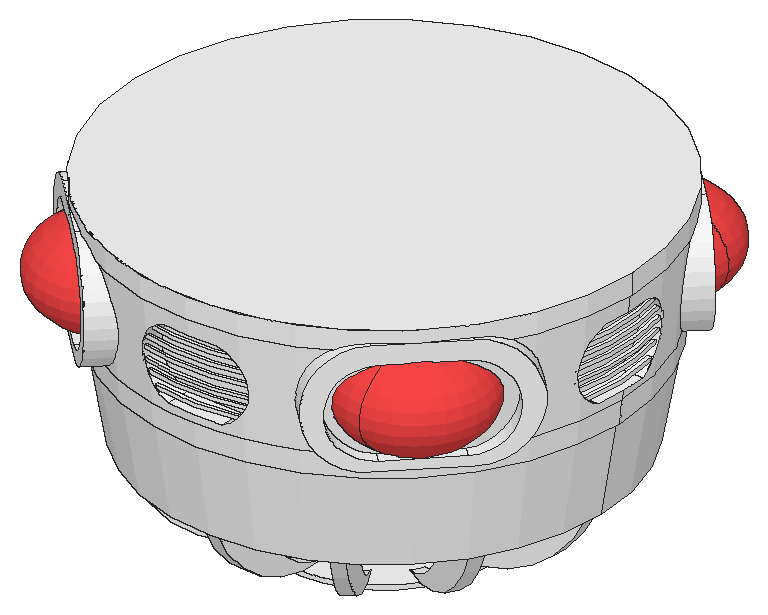
Revit family "Fireclass_Addressable Base Sounder_Visual Indicator Devices", category Fire Alarm Devices, host Ceiling, Revit 2014
Parameters (values of type "Fireclass Addressable Base Sounder Beacon VID")
  Weight = "167g"
  Warranty Start Date = "TBC"
  Warranty Guarantor Parts = "Contact your supplier. If you don’t have your supplier contact details please contact tfsuk.service@tycoint.com"
  Warranty Guarantor Labor = "Contact your supplier. If you don’t have your supplier contact details please contact tfsuk.service@tycoint.com"
  Warranty Duration Unit = "Year"
  Warranty Duration Parts = "3 years (TBC)"
  Warranty Duration Labor = "3 years"
  Warranty Description = "N/A"
  Voltage = "20V-40V, 35V nominal"
  Version = "1"
  Usage Current = "N/A"
  Uniclass2 = "Pr_70_75_02_97"
  URL = "TBC"
  Time Constant = "N/A"
  Tag Number = "N/A"
  SuistainabilityPerformance = "N/A"
  Storage Temperature = "-25 to +70"
  Size = "N/A"
  Short Circuit Isolators = "Yes"
  Shape = "Circular"
  Serial Number = "N/A"
  Revision = "N/A"
  Replacement Cost = "N/A"
  Relative Humidity = "Up to 95% non-condensing"
  Reference = "N/A"
  Quiescent Current = "8mA"
  Product Specification = "FC440AIB Zettler Addressable Base Sounder Beacon VID"
  Product Information = "TBC"
  Product Codes = "576.440.010"
  Phase Reference = "N/A"
  Phase Angle = "N/A"
  Operation Temperature Range = "-25 to +70"
  Number Of Poles = "N/A"
  Nominal Width = 114 mm
  Nominal Voltage = "40 V DC"
  Nominal Length = 114 mm
  Nominal Height = 45 mm
  Nominal Frequency Range = "N/A"
  Nominal Current = "1.1A"
  Nominal  Diameter = 114 mm
  Name = "FC440AIB Add Base Sounder VID"
  NBS Reference = "90-75-30/415"
  NBS Description = "Visual Alarm Signal Devices"
  Model Reference = "FC440AIB FireClass Addressable Base Sounder Beacon Visual Indicating Device Red LEDs"
  Model = "FC440AIB"
  Material = "TBC"
  Manufacturer URL = "www.fireclass.co.uk"
  Manufacturer Name = "Tyco Fire Protection Products"
  Manufacturer = "Tyco Fire Protection Products"
  LED Colour = Red
  LED = yes
  Insulation Standard Class = "N/A"
  Installation Date = "TBC"
  Ifc Type Object = "IfcBuildingElementProxy"
  Ifc Export Type = "TBC"
  Ifc Export As = "TBC"
  IP_Code = "N/A"
  Heat Sensor Set Point = "N/A"
  Heat Sensor Range = "N/A"
  Heat Sensor Accuracy = "N/A"
  Has Protective Earth = "No"
  Grade = "N/A"
  Finish = "TBC"
  Features = "FireClass Addressable Base Sounder Beacon Visual Indicating Device Red LEDs"
  Expected Life = "N/A"
  Electrical Device Nominal Power = "320mW"
  Duration Unit = "Year"
  Device Bases = "N/A"
  Detector Type = "N/A"
  Description = "FC440AIB FireClass Addressable Base Sounder Beacon Visual Indicating Device Red LEDs"
  Coverage Area = "N/A"
  Constituents = "N/A"
  Colour = Transluscent
  Code Performance = "N/A"
  Category = "Pr_70_75_02_97"
  Brand = "FireClass"
  Bar Code = "N/A"
  BIM Object Name = "Tyco_FireDtctnAlmCtrlIndctEquip_FireClass-Addressable Base Sounder Beacon Visual Indicating Device Red LEDs-FC440AIB"
  Author = "Tyco Fire Protection Products"
  Asset Type = "Moveable"
  Asset Identifier = "N/A"
  Alarm Current = "400uA"
  Accessibility Performance = "N/A"
Types (3, lengths in mm): name | Weight | Uniclass2 | Short Circuit Isolators | Quiescent Current | Product Specification | Product Codes | Nominal Current | Name | NBS Reference | NBS Description | Model Reference | Model | LED Colour | LED | Features | Electrical Device Nominal Power | Description | Colour | Category | BIM Object Name | Alarm Current
  Fireclass Addressable Base Sounder | "161g" | "Pr_70_75_02_30" | "Yes" | "4mA" | "FC440SB FireClass Addressable Base Sounder" | "576.440.002" | "1.1A" | "FC440SB Addressable Base Sdr" | "90-75-30/360" | "Fire Alarm Sounders" | "FC440SB FireClass Addressable Base Sounder" | "FC440SB" | White | no | "FireClass Addressable Base Sounder" | "160mW" | "FC440SB FireClass Addressable Base Sounder" | White | "Pr_70_75_02_30" | "Tyco_FireDtctnAlmCtrlIndctEquip_FireClass Addressable Base Sounder-FC440SB" | "400uA"
  Fireclass Detector Base Sounder | "161g" | "Pr_70_75_02_30" | "No" | "4mA" | "FC440DSB FireClass Detector Base Sounder" | "576.440.001" | "N/A" | "FC440DSB Detector Base Sounder" | "90-75-30/360" | "Fire Alarm Sounders" | "FC440DSB FireClass Detector Base Sounder" | "FC440DSB" | White | no | "FireClass Detector Base Sounder" | "160mW" | "FC440DSB FireClass Detector Base Sounder" | White | "Pr_70_75_02_30" | "Tyco_FireDtctnAlmCtrlIndctEquip_Fireclass-Detector Base Sounder-FC440DSB" | "100uA"
  Fireclass Addressable Base Sounder Beacon VID | "167g" | "Pr_70_75_02_97" | "Yes" | "8mA" | "FC440AIB Zettler Addressable Base Sounder Beacon VID" | "576.440.010" | "1.1A" | "FC440AIB Add Base Sounder VID" | "90-75-30/415" | "Visual Alarm Signal Devices" | "FC440AIB FireClass Addressable Base Sounder Beacon Visual Indicating Device Red LEDs" | "FC440AIB" | Red | yes | "FireClass Addressable Base Sounder Beacon Visual Indicating Device Red LEDs" | "320mW" | "FC440AIB FireClass Addressable Base Sounder Beacon Visual Indicating Device Red LEDs" | Transluscent | "Pr_70_75_02_97" | "Tyco_FireDtctnAlmCtrlIndctEquip_FireClass-Addressable Base Sounder Beacon Visual Indicating Device Red LEDs-FC440AIB" | "400uA"
Reference planes
  plane 1 "Center (Front/Back)": y = 0
  plane 2: z = 0
  plane 3 "Center (Left/Right)": x = 0
  plane 4 "Ceiling": z = 300
Dimensions and locks
  equal spacing: host sketch curve, plane 3 "Center (Left/Right)", host sketch curve
  equal spacing: host sketch curve, plane 1 "Center (Front/Back)", host sketch curve
  host sketch curve to host sketch curve = 4000 mm  (x2)
  host ceiling to plane 4 "Ceiling" = 0 mm
  aligned and locked: nested 1 to plane 4 "Ceiling"
  aligned and locked: plane 3 "Center (Left/Right)" to nested 1
  aligned and locked: host ceiling to plane 4 "Ceiling"
Nested families
  nested 1: "Geometry" at (0, 59, 267.9), type "Default"
Connectors
  electrical at (0, 59, 300)
    settings: on nested 1, index 1, voltage 0 V, apparent load 0 VA, apparent load phase1 0 VA, apparent load phase2 0 VA, apparent load phase3 0 VA, power factor 1, load classification "Other", number of poles 1, system type 11, power factor state 1, is connector primary yes, connector utility no, sub classification motor no, connector description ""
Definition of nested family "Geometry"
  Parameters (values of type "Default")
    Material = Transluscent
    LED Colour = White
    LED = yes
  Reference planes
    plane 1 "Center (Front/Back)": y = 0
    plane 2: z = 0
    plane 3 "Center (Left/Right)": x = 0
    plane 4: x = 57
    plane 5: x = -57
    plane 6: y = 57
    plane 7: y = -57
    plane 8: z = 5
    plane 9: z = 27.6
    plane 10: z = 32.1
    plane 11: x = 2.5
    plane 12: x = -2.5
    plane 13: y = -48.741
    plane 14: y = -59
    plane 15: z = -20
    plane 16: z = -37
    plane 17: z = -39.8
  Forms (mm)
    Blend 1, solid, material "White", detail levels fine
      base sketch origin (-1351.99, -1524, 27.6) x (-1, 0, 0) y (0, -1, 0)
        loop
          circle (-1351.99, -1524) r 54.5
      top sketch origin (-1351.99, -1524, 27.6) x (-1, 0, 0) y (0, -1, 0)
        loop
          circle (-1351.99, -1524) r 56.5
      from -22.6 to 0
    Blend 2, solid, material "White", detail levels fine
      base sketch origin (0, 0, 0) x (1, 0, 0) y (0, 1, 0)
        loop
          circle (0, 0) r 53.5
      top sketch origin (0, 0, 0) x (1, 0, 0) y (0, 1, 0)
        loop
          circle (0, 0) r 50
      from 0 to -20
    Extrusion 3, void
      sketch origin (0, 0, 0) x (1, 0, 0) y (0, 1, 0)
        loop
          circle (0, 0) r 35
      from 27.6 to -25.632
    Extrusion 4, solid, material "White", detail levels fine
      sketch origin (0, 0, 0) x (1, 0, 0) y (0, 1, 0)
        loop
          circle (0, 0) r 24
      from -39.8 to -38.66
    Extrusion 5, solid, material "White", detail levels fine
      sketch origin (0, 0, 0) x (0, 1, 0) y (0, 0, 1)
        loop
          arc (-48.702, -20) -> (-38.751, -32.501) -> (-24.007, -38.66) r 32.113
          line (-24.007, -38.66) -> (-18.832, -38.66)
          arc (-18.832, -38.66) -> (-30.138, -32.14) -> (-34.93, -20) r 19.795
          line (-34.93, -20) -> (-48.702, -20)
      from -2.5 to 0.5
    Extrusion 6, solid, material "White", visible <- "LED", detail levels fine
      sketch origin (0, 0, 0) x (0.71461, -0.699523, 0) y (0, 0, 1)
        loop
          arc (-9.375, 29.522) -> (-22.375, 16.522) -> (-9.375, 3.522) r 13
          line (-9.375, 3.522) -> (9.375, 3.522)
          arc (9.375, 3.522) -> (22.375, 16.522) -> (9.375, 29.522) r 13
          line (9.375, 29.522) -> (-9.375, 29.522)
        loop
          arc (-8.125, 25.525) -> (-18.066, 15.584) -> (-8.125, 5.643) r 9.941
          line (-8.125, 5.643) -> (8.125, 5.643)
          arc (8.125, 5.643) -> (18.066, 15.584) -> (8.125, 25.525) r 9.941
          line (8.125, 25.525) -> (-8.125, 25.525)
      from 48.741 to 57
    Extrusion 7, void
      sketch origin (0, 0, 0) x (1, 0, 0) y (0, 0, 1)
        loop
          arc (-6.201, 23.765) -> (-12.194, 15.315) -> (-6.201, 6.865) r 8.953
          line (-6.201, 6.865) -> (6.201, 6.865)
          arc (6.201, 6.865) -> (12.194, 15.315) -> (6.201, 23.765) r 8.953
          line (6.201, 23.765) -> (-6.201, 23.765)
      from 48.741 to 57
    Extrusion 8, void
      sketch origin (0, 0, 0) x (0, 1, 0) y (0, 0, 1)
        loop
          arc (-6.201, 23.765) -> (-12.194, 15.315) -> (-6.201, 6.865) r 8.953
          line (-6.201, 6.865) -> (6.201, 6.865)
          arc (6.201, 6.865) -> (12.194, 15.315) -> (6.201, 23.765) r 8.953
          line (6.201, 23.765) -> (-6.201, 23.765)
      from 48.741 to 57
    Extrusion 9, void
      sketch origin (0, 0, 0) x (-1, 0, 0) y (0, 0, 1)
        loop
          arc (-6.201, 23.765) -> (-12.194, 15.315) -> (-6.201, 6.865) r 8.953
          line (-6.201, 6.865) -> (6.201, 6.865)
          arc (6.201, 6.865) -> (12.194, 15.315) -> (6.201, 23.765) r 8.953
          line (6.201, 23.765) -> (-6.201, 23.765)
      from 48.741 to 57
    Extrusion 10, void
      sketch origin (0, 0, 0) x (0, -1, 0) y (0, 0, 1)
        loop
          arc (-6.201, 23.765) -> (-12.194, 15.315) -> (-6.201, 6.865) r 8.953
          line (-6.201, 6.865) -> (6.201, 6.865)
          arc (6.201, 6.865) -> (12.194, 15.315) -> (6.201, 23.765) r 8.953
          line (6.201, 23.765) -> (-6.201, 23.765)
      from 48.741 to 57
    Extrusion 11, solid, material "White", detail levels fine
      sketch origin (-0.938, -2.131, 0.328) x (0, 1, 0) y (-1, 0, 0)
        loop
          arc (15.183, -53.911) -> (2.122, -55.728) -> (-10.989, -54.326) r 54
          line (-10.989, -54.326) -> (-10.334, -55.033)
          arc (-10.334, -55.033) -> (2.097, -56.407) -> (14.479, -54.653) r 50
          line (14.479, -54.653) -> (15.183, -53.911)
      from 20.68 to 21.531
    Blend 12, solid, material "White", detail levels fine
      base sketch origin (0, 0, -39.074) x (1, 0, 0) y (0, 1, 0)
        loop
          circle (0, 0) r 54.5
      top sketch origin (0, 0, -39.074) x (1, 0, 0) y (0, 1, 0)
        loop
          circle (0, 0) r 54
      from 44.074 to 39.074
    Extrusion 13, solid, material "White", detail levels fine
      sketch origin (0, 0, 27.624) x (1, 0, 0) y (0, 1, 0)
        loop
          circle (0, 0) r 57
      from -0.024 to 4.476
    Extrusion 14, solid, material "White", detail levels fine
      sketch origin (0, 0, 0) x (-0.5, 0.866025, 0) y (0, 0, 1)
        loop
          arc (-48.702, -20) -> (-38.751, -32.501) -> (-24.007, -38.66) r 32.113
          line (-24.007, -38.66) -> (-18.832, -38.66)
          arc (-18.832, -38.66) -> (-30.138, -32.14) -> (-34.93, -20) r 19.795
          line (-34.93, -20) -> (-48.702, -20)
      from -2.5 to 0.5
    Extrusion 15, solid, material "White", detail levels fine
      sketch origin (0, 0, 0) x (-0.866025, 0.5, 0) y (0, 0, 1)
        loop
          arc (-48.702, -20) -> (-38.751, -32.501) -> (-24.007, -38.66) r 32.113
          line (-24.007, -38.66) -> (-18.832, -38.66)
          arc (-18.832, -38.66) -> (-30.138, -32.14) -> (-34.93, -20) r 19.795
          line (-34.93, -20) -> (-48.702, -20)
      from -2.5 to 0.5
    Extrusion 16, solid, material "White", detail levels fine
      sketch origin (0, 0, 0) x (-1, 0, 0) y (0, 0, 1)
        loop
          arc (-48.702, -20) -> (-38.751, -32.501) -> (-24.007, -38.66) r 32.113
          line (-24.007, -38.66) -> (-18.832, -38.66)
          arc (-18.832, -38.66) -> (-30.138, -32.14) -> (-34.93, -20) r 19.795
          line (-34.93, -20) -> (-48.702, -20)
      from -2.5 to 0.5
    Extrusion 17, solid, material "White", detail levels fine
      sketch origin (0, 0, 0) x (-0.866025, -0.5, 0) y (0, 0, 1)
        loop
          arc (-48.702, -20) -> (-38.751, -32.501) -> (-24.007, -38.66) r 32.113
          line (-24.007, -38.66) -> (-18.832, -38.66)
          arc (-18.832, -38.66) -> (-30.138, -32.14) -> (-34.93, -20) r 19.795
          line (-34.93, -20) -> (-48.702, -20)
      from -2.5 to 0.5
    Extrusion 18, solid, material "White", detail levels fine
      sketch origin (0, 0, 0) x (-0.5, -0.866025, 0) y (0, 0, 1)
        loop
          arc (-48.702, -20) -> (-38.751, -32.501) -> (-24.007, -38.66) r 32.113
          line (-24.007, -38.66) -> (-18.832, -38.66)
          arc (-18.832, -38.66) -> (-30.138, -32.14) -> (-34.93, -20) r 19.795
          line (-34.93, -20) -> (-48.702, -20)
      from -2.5 to 0.5
    Extrusion 19, solid, material "White", detail levels fine
      sketch origin (0, 0, 0) x (0, -1, 0) y (0, 0, 1)
        loop
          arc (-48.702, -20) -> (-38.751, -32.501) -> (-24.007, -38.66) r 32.113
          line (-24.007, -38.66) -> (-18.832, -38.66)
          arc (-18.832, -38.66) -> (-30.138, -32.14) -> (-34.93, -20) r 19.795
          line (-34.93, -20) -> (-48.702, -20)
      from -2.5 to 0.5
    Extrusion 20, solid, material "White", detail levels fine
      sketch origin (0, 0, 0) x (0.5, -0.866025, 0) y (0, 0, 1)
        loop
          arc (-48.702, -20) -> (-38.751, -32.501) -> (-24.007, -38.66) r 32.113
          line (-24.007, -38.66) -> (-18.832, -38.66)
          arc (-18.832, -38.66) -> (-30.138, -32.14) -> (-34.93, -20) r 19.795
          line (-34.93, -20) -> (-48.702, -20)
      from -2.5 to 0.5
    Extrusion 21, solid, material "White", detail levels fine
      sketch origin (0, 0, 0) x (0.866025, -0.5, 0) y (0, 0, 1)
        loop
          arc (-48.702, -20) -> (-38.751, -32.501) -> (-24.007, -38.66) r 32.113
          line (-24.007, -38.66) -> (-18.832, -38.66)
          arc (-18.832, -38.66) -> (-30.138, -32.14) -> (-34.93, -20) r 19.795
          line (-34.93, -20) -> (-48.702, -20)
      from -2.5 to 0.5
    Extrusion 22, solid, material "White", detail levels fine
      sketch origin (0, 0, 0) x (1, 0, 0) y (0, 0, 1)
        loop
          arc (-48.702, -20) -> (-38.751, -32.501) -> (-24.007, -38.66) r 32.113
          line (-24.007, -38.66) -> (-18.832, -38.66)
          arc (-18.832, -38.66) -> (-30.138, -32.14) -> (-34.93, -20) r 19.795
          line (-34.93, -20) -> (-48.702, -20)
      from -2.5 to 0.5
    Extrusion 23, solid, material "White", detail levels fine
      sketch origin (0, 0, 0) x (0.866025, 0.5, 0) y (0, 0, 1)
        loop
          arc (-48.702, -20) -> (-38.751, -32.501) -> (-24.007, -38.66) r 32.113
          line (-24.007, -38.66) -> (-18.832, -38.66)
          arc (-18.832, -38.66) -> (-30.138, -32.14) -> (-34.93, -20) r 19.795
          line (-34.93, -20) -> (-48.702, -20)
      from -2.5 to 0.5
    Extrusion 24, solid, material "White", detail levels fine
      sketch origin (0, 0, 0) x (0.5, 0.866025, 0) y (0, 0, 1)
        loop
          arc (-48.702, -20) -> (-38.751, -32.501) -> (-24.007, -38.66) r 32.113
          line (-24.007, -38.66) -> (-18.832, -38.66)
          arc (-18.832, -38.66) -> (-30.138, -32.14) -> (-34.93, -20) r 19.795
          line (-34.93, -20) -> (-48.702, -20)
      from -2.5 to 0.5
    Extrusion 25, solid, material "White", detail levels fine
      sketch origin (-0.938, -2.131, -2.172) x (0, 1, 0) y (-1, 0, 0)
        loop
          arc (15.183, -53.911) -> (2.122, -55.728) -> (-10.989, -54.326) r 54
          line (-10.989, -54.326) -> (-10.334, -55.033)
          arc (-10.334, -55.033) -> (2.097, -56.407) -> (14.479, -54.653) r 50
          line (14.479, -54.653) -> (15.183, -53.911)
      from 20.68 to 21.531
    Extrusion 26, solid, material "White", detail levels fine
      sketch origin (-1.094, -2.131, -4.672) x (0, 1, 0) y (-1, 0, 0)
        loop
          arc (15.183, -53.911) -> (2.122, -55.728) -> (-10.989, -54.326) r 54
          line (-10.989, -54.326) -> (-10.334, -55.033)
          arc (-10.334, -55.033) -> (2.096, -56.345) -> (14.479, -54.653) r 52
          line (14.479, -54.653) -> (15.183, -53.911)
      from 20.68 to 21.531
    Extrusion 27, solid, material "White", detail levels fine
      sketch origin (-1.328, -2.131, -7.172) x (0, 1, 0) y (-1, 0, 0)
        loop
          arc (15.207, -53.886) -> (2.122, -55.595) -> (-11.012, -54.302) r 58
          line (-11.012, -54.302) -> (-10.334, -55.033)
          arc (-10.334, -55.033) -> (2.098, -56.474) -> (14.479, -54.653) r 48
          line (14.479, -54.653) -> (15.207, -53.886)
      from 20.68 to 21.28
    Extrusion 28, solid, material "White", detail levels fine
      sketch origin (-1.641, -2.131, -9.672) x (0, 1, 0) y (-1, 0, 0)
        loop
          arc (15.183, -53.911) -> (2.122, -55.728) -> (-10.989, -54.326) r 54
          line (-10.989, -54.326) -> (-10.334, -55.033)
          arc (-10.334, -55.033) -> (2.097, -56.407) -> (14.479, -54.653) r 50
          line (14.479, -54.653) -> (15.183, -53.911)
      from 20.68 to 21.531
    Extrusion 29, solid, material "White", detail levels fine
      sketch origin (-2.246, -2.131, -12.172) x (0, 1, 0) y (-1, 0, 0)
        loop
          arc (12.718, -54.897) -> (2.177, -56.003) -> (-8.395, -55.237) r 59.994
          line (-8.395, -55.237) -> (-7.898, -56.011)
          arc (-7.898, -56.011) -> (2.019, -56.917) -> (11.91, -55.757) r 47.992
          line (11.91, -55.757) -> (12.718, -54.897)
      from 20.68 to 21.48
    Extrusion 30, solid, material "White", detail levels fine
      sketch origin (2.131, -0.938, 0.328) x (-1, 0, 0) y (0, -1, 0)
        loop
          arc (15.183, -53.911) -> (2.122, -55.728) -> (-10.989, -54.326) r 54
          line (-10.989, -54.326) -> (-10.334, -55.033)
          arc (-10.334, -55.033) -> (2.097, -56.407) -> (14.479, -54.653) r 50
          line (14.479, -54.653) -> (15.183, -53.911)
      from 20.68 to 21.531
    Extrusion 31, solid, material "White", detail levels fine
      sketch origin (2.131, -0.938, -2.172) x (-1, 0, 0) y (0, -1, 0)
        loop
          arc (15.183, -53.911) -> (2.122, -55.728) -> (-10.989, -54.326) r 54
          line (-10.989, -54.326) -> (-10.334, -55.033)
          arc (-10.334, -55.033) -> (2.097, -56.407) -> (14.479, -54.653) r 50
          line (14.479, -54.653) -> (15.183, -53.911)
      from 20.68 to 21.531
    Extrusion 32, solid, material "White", detail levels fine
      sketch origin (2.131, -1.094, -4.672) x (-1, 0, 0) y (0, -1, 0)
        loop
          arc (15.183, -53.911) -> (2.122, -55.728) -> (-10.989, -54.326) r 54
          line (-10.989, -54.326) -> (-10.334, -55.033)
          arc (-10.334, -55.033) -> (2.096, -56.345) -> (14.479, -54.653) r 52
          line (14.479, -54.653) -> (15.183, -53.911)
      from 20.68 to 21.531
    Extrusion 33, solid, material "White", detail levels fine
      sketch origin (2.131, -1.328, -7.172) x (-1, 0, 0) y (0, -1, 0)
        loop
          arc (15.207, -53.886) -> (2.122, -55.595) -> (-11.012, -54.302) r 58
          line (-11.012, -54.302) -> (-10.334, -55.033)
          arc (-10.334, -55.033) -> (2.098, -56.474) -> (14.479, -54.653) r 48
          line (14.479, -54.653) -> (15.207, -53.886)
      from 20.68 to 21.28
    Extrusion 34, solid, material "White", detail levels fine
      sketch origin (2.131, -1.641, -9.672) x (-1, 0, 0) y (0, -1, 0)
        loop
          arc (15.183, -53.911) -> (2.122, -55.728) -> (-10.989, -54.326) r 54
          line (-10.989, -54.326) -> (-10.334, -55.033)
          arc (-10.334, -55.033) -> (2.097, -56.407) -> (14.479, -54.653) r 50
          line (14.479, -54.653) -> (15.183, -53.911)
      from 20.68 to 21.531
    Extrusion 35, solid, material "White", detail levels fine
      sketch origin (2.131, -2.246, -12.172) x (-1, 0, 0) y (0, -1, 0)
        loop
          arc (12.718, -54.897) -> (2.177, -56.003) -> (-8.395, -55.237) r 59.994
          line (-8.395, -55.237) -> (-7.898, -56.011)
          arc (-7.898, -56.011) -> (2.019, -56.917) -> (11.91, -55.757) r 47.992
          line (11.91, -55.757) -> (12.718, -54.897)
      from 20.68 to 21.48
    Extrusion 36, solid, material "White", detail levels fine
      sketch origin (0.938, 2.131, 0.328) x (0, -1, 0) y (1, 0, 0)
        loop
          arc (15.183, -53.911) -> (2.122, -55.728) -> (-10.989, -54.326) r 54
          line (-10.989, -54.326) -> (-10.334, -55.033)
          arc (-10.334, -55.033) -> (2.097, -56.407) -> (14.479, -54.653) r 50
          line (14.479, -54.653) -> (15.183, -53.911)
      from 20.68 to 21.531
    Extrusion 37, solid, material "White", detail levels fine
      sketch origin (0.938, 2.131, -2.172) x (0, -1, 0) y (1, 0, 0)
        loop
          arc (15.183, -53.911) -> (2.122, -55.728) -> (-10.989, -54.326) r 54
          line (-10.989, -54.326) -> (-10.334, -55.033)
          arc (-10.334, -55.033) -> (2.097, -56.407) -> (14.479, -54.653) r 50
          line (14.479, -54.653) -> (15.183, -53.911)
      from 20.68 to 21.531
    Extrusion 38, solid, material "White", detail levels fine
      sketch origin (1.094, 2.131, -4.672) x (0, -1, 0) y (1, 0, 0)
        loop
          arc (15.183, -53.911) -> (2.122, -55.728) -> (-10.989, -54.326) r 54
          line (-10.989, -54.326) -> (-10.334, -55.033)
          arc (-10.334, -55.033) -> (2.096, -56.345) -> (14.479, -54.653) r 52
          line (14.479, -54.653) -> (15.183, -53.911)
      from 20.68 to 21.531
    Extrusion 39, solid, material "White", detail levels fine
      sketch origin (1.328, 2.131, -7.172) x (0, -1, 0) y (1, 0, 0)
        loop
          arc (15.207, -53.886) -> (2.122, -55.595) -> (-11.012, -54.302) r 58
          line (-11.012, -54.302) -> (-10.334, -55.033)
          arc (-10.334, -55.033) -> (2.098, -56.474) -> (14.479, -54.653) r 48
          line (14.479, -54.653) -> (15.207, -53.886)
      from 20.68 to 21.28
    Extrusion 40, solid, material "White", detail levels fine
      sketch origin (1.641, 2.131, -9.672) x (0, -1, 0) y (1, 0, 0)
        loop
          arc (15.183, -53.911) -> (2.122, -55.728) -> (-10.989, -54.326) r 54
          line (-10.989, -54.326) -> (-10.334, -55.033)
          arc (-10.334, -55.033) -> (2.097, -56.407) -> (14.479, -54.653) r 50
          line (14.479, -54.653) -> (15.183, -53.911)
      from 20.68 to 21.531
    Extrusion 41, solid, material "White", detail levels fine
      sketch origin (2.246, 2.131, -12.172) x (0, -1, 0) y (1, 0, 0)
        loop
          arc (12.718, -54.897) -> (2.177, -56.003) -> (-8.395, -55.237) r 59.994
          line (-8.395, -55.237) -> (-7.898, -56.011)
          arc (-7.898, -56.011) -> (2.019, -56.917) -> (11.91, -55.757) r 47.992
          line (11.91, -55.757) -> (12.718, -54.897)
      from 20.68 to 21.48
    Extrusion 42, solid, material "White", detail levels fine
      sketch origin (-2.131, 0.938, 0.328) x (1, 0, 0) y (0, 1, 0)
        loop
          arc (15.183, -53.911) -> (2.122, -55.728) -> (-10.989, -54.326) r 54
          line (-10.989, -54.326) -> (-10.334, -55.033)
          arc (-10.334, -55.033) -> (2.097, -56.407) -> (14.479, -54.653) r 50
          line (14.479, -54.653) -> (15.183, -53.911)
      from 20.68 to 21.531
    Extrusion 43, solid, material "White", detail levels fine
      sketch origin (-2.131, 0.938, -2.172) x (1, 0, 0) y (0, 1, 0)
        loop
          arc (15.183, -53.911) -> (2.122, -55.728) -> (-10.989, -54.326) r 54
          line (-10.989, -54.326) -> (-10.334, -55.033)
          arc (-10.334, -55.033) -> (2.097, -56.407) -> (14.479, -54.653) r 50
          line (14.479, -54.653) -> (15.183, -53.911)
      from 20.68 to 21.531
    Extrusion 44, solid, material "White", detail levels fine
      sketch origin (-2.131, 1.094, -4.672) x (1, 0, 0) y (0, 1, 0)
        loop
          arc (15.183, -53.911) -> (2.122, -55.728) -> (-10.989, -54.326) r 54
          line (-10.989, -54.326) -> (-10.334, -55.033)
          arc (-10.334, -55.033) -> (2.096, -56.345) -> (14.479, -54.653) r 52
          line (14.479, -54.653) -> (15.183, -53.911)
      from 20.68 to 21.531
    Extrusion 45, solid, material "White", detail levels fine
      sketch origin (-2.131, 1.328, -7.172) x (1, 0, 0) y (0, 1, 0)
        loop
          arc (15.207, -53.886) -> (2.122, -55.595) -> (-11.012, -54.302) r 58
          line (-11.012, -54.302) -> (-10.334, -55.033)
          arc (-10.334, -55.033) -> (2.098, -56.474) -> (14.479, -54.653) r 48
          line (14.479, -54.653) -> (15.207, -53.886)
      from 20.68 to 21.28
    Extrusion 46, solid, material "White", detail levels fine
      sketch origin (-2.131, 1.641, -9.672) x (1, 0, 0) y (0, 1, 0)
        loop
          arc (15.183, -53.911) -> (2.122, -55.728) -> (-10.989, -54.326) r 54
          line (-10.989, -54.326) -> (-10.334, -55.033)
          arc (-10.334, -55.033) -> (2.097, -56.407) -> (14.479, -54.653) r 50
          line (14.479, -54.653) -> (15.183, -53.911)
      from 20.68 to 21.531
    Extrusion 47, solid, material "White", detail levels fine
      sketch origin (-2.131, 2.246, -12.172) x (1, 0, 0) y (0, 1, 0)
        loop
          arc (12.718, -54.897) -> (2.177, -56.003) -> (-8.395, -55.237) r 59.994
          line (-8.395, -55.237) -> (-7.898, -56.011)
          arc (-7.898, -56.011) -> (2.019, -56.917) -> (11.91, -55.757) r 47.992
          line (11.91, -55.757) -> (12.718, -54.897)
      from 20.68 to 21.48
    Extrusion 48, solid, material "White", visible <- "LED", detail levels fine
      sketch origin (0.11, -0.11, 0) x (0.699523, 0.71461, 0) y (0, 0, 1)
        loop
          arc (-9.375, 29.522) -> (-22.375, 16.522) -> (-9.375, 3.522) r 13
          line (-9.375, 3.522) -> (9.375, 3.522)
          arc (9.375, 3.522) -> (22.375, 16.522) -> (9.375, 29.522) r 13
          line (9.375, 29.522) -> (-9.375, 29.522)
        loop
          arc (-8.125, 25.525) -> (-18.066, 15.584) -> (-8.125, 5.643) r 9.941
          line (-8.125, 5.643) -> (8.125, 5.643)
          arc (8.125, 5.643) -> (18.066, 15.584) -> (8.125, 25.525) r 9.941
          line (8.125, 25.525) -> (-8.125, 25.525)
      from 48.741 to 57
    Extrusion 49, solid, material "White", visible <- "LED", detail levels fine
      sketch origin (0, 0, 0) x (-0.71461, 0.699523, 0) y (0, 0, 1)
        loop
          arc (-9.375, 29.522) -> (-22.375, 16.522) -> (-9.375, 3.522) r 13
          line (-9.375, 3.522) -> (9.375, 3.522)
          arc (9.375, 3.522) -> (22.375, 16.522) -> (9.375, 29.522) r 13
          line (9.375, 29.522) -> (-9.375, 29.522)
        loop
          arc (-8.125, 25.525) -> (-18.066, 15.584) -> (-8.125, 5.643) r 9.941
          line (-8.125, 5.643) -> (8.125, 5.643)
          arc (8.125, 5.643) -> (18.066, 15.584) -> (8.125, 25.525) r 9.941
          line (8.125, 25.525) -> (-8.125, 25.525)
      from 48.741 to 57
    Extrusion 50, solid, material "White", visible <- "LED", detail levels fine
      sketch origin (0, 0, 0) x (-0.699523, -0.71461, 0) y (0, 0, 1)
        loop
          arc (-9.375, 29.522) -> (-22.375, 16.522) -> (-9.375, 3.522) r 13
          line (-9.375, 3.522) -> (9.375, 3.522)
          arc (9.375, 3.522) -> (22.375, 16.522) -> (9.375, 29.522) r 13
          line (9.375, 29.522) -> (-9.375, 29.522)
        loop
          arc (-8.125, 25.525) -> (-18.066, 15.584) -> (-8.125, 5.643) r 9.941
          line (-8.125, 5.643) -> (8.125, 5.643)
          arc (8.125, 5.643) -> (18.066, 15.584) -> (8.125, 25.525) r 9.941
          line (8.125, 25.525) -> (-8.125, 25.525)
      from 48.741 to 57
    Blend 51, solid, material "Transluscent" <- "Material", detail levels coarse+medium
      base sketch origin (0, 0, 0) x (1, 0, 0) y (0, 1, 0)
        loop
          circle (0, 0) r 75
      top sketch origin (0, 0, 0) x (1, 0, 0) y (0, 1, 0)
        loop
          circle (0, 0) r 38
      from 32.1 to -39.8
  Cuts and joins
    Extrusion 3, Extrusion 7, Extrusion 8, Extrusion 9, Extrusion 10 cuts Blend 1
    Extrusion 3 cuts Blend 2
  Dimensions and locks
    equal spacing: plane 5, plane 3 "Center (Left/Right)", plane 4
    plane 5 to plane 4 = 114 mm
    equal spacing: plane 7, plane 1 "Center (Front/Back)", plane 6
    plane 7 to plane 6 = 114 mm
    plane 9 to plane 8 = 22.6 mm
    plane 8 to level = 5 mm
    plane 10 to plane 9 = 4.5 mm
    aligned and locked: level to plane 2
    aligned and locked: Extrusion 5 to plane 12
    aligned and locked: Extrusion 7 to plane 13
    aligned and locked: plane 7 to Extrusion 7
    aligned and locked: plane 9 to Blend 1
    aligned and locked: Blend 1 to plane 8
    aligned and locked: Extrusion 13 to plane 9
    aligned and locked: plane 10 to Extrusion 13
    aligned and locked: plane 8 to Blend 12
    aligned and locked: Blend 12 to level
    aligned and locked: Blend 1 to Extrusion 3
    aligned and locked: level to Blend 2
    aligned and locked: Blend 2 to plane 15
    aligned and locked: Extrusion 4 to plane 17
    aligned and locked: Extrusion 4 to Extrusion 5
    aligned and locked: Blend 51 to Extrusion 4
  Automatic sketch dimensions
    plane 1 "Center (Front/Back)" to Blend 1 sketch curve = 0 mm  (x2)
    Blend 1 sketch curve to plane 3 "Center (Left/Right)" = 0 mm  (x2)
    plane 1 "Center (Front/Back)" to Blend 2 sketch curve = 0 mm  (x2)
    Blend 2 sketch curve to plane 3 "Center (Left/Right)" = 0 mm  (x2)
    Extrusion 3 sketch curve to Extrusion 3 sketch curve = 0 mm  (x2)
    Extrusion 3 sketch curve to plane 3 "Center (Left/Right)" = 0 mm
    plane 1 "Center (Front/Back)" to Extrusion 3 sketch curve = 0 mm
    Extrusion 3 sketch curve to plane 13 = 13.741 mm
    plane 1 "Center (Front/Back)" to Extrusion 4 sketch curve = 0 mm
    Extrusion 4 sketch curve to plane 3 "Center (Left/Right)" = 0 mm
    Extrusion 6 sketch curve to Extrusion 6 sketch curve = 1.25 mm  (x2)
    Extrusion 6 sketch curve to Extrusion 6 sketch curve = 0.938 mm
    Extrusion 6 sketch curve to Extrusion 6 sketch curve = 18.75 mm
    Extrusion 7 sketch curve to plane 12 = 3.701 mm  (x2)
    Extrusion 7 sketch curve to plane 12 = 0.741 mm
    plane 11 to Extrusion 7 sketch curve = 0.741 mm
    plane 11 to Extrusion 7 sketch curve = 3.701 mm  (x2)
    plane 8 to Extrusion 7 sketch curve = 1.865 mm
    Extrusion 7 sketch curve to Extrusion 7 sketch curve = 8.45 mm
    plane 8 to Extrusion 8 sketch curve = 1.865 mm
    plane 1 "Center (Front/Back)" to Extrusion 8 sketch curve = 6.201 mm  (x2)
    Extrusion 8 sketch curve to plane 9 = 3.835 mm
    plane 1 "Center (Front/Back)" to Extrusion 8 sketch curve = 3.241 mm
    Extrusion 8 sketch curve to plane 1 "Center (Front/Back)" = 3.241 mm
    Extrusion 8 sketch curve to plane 1 "Center (Front/Back)" = 6.201 mm  (x2)
    plane 11 to Extrusion 9 sketch curve = 3.701 mm  (x2)
    plane 11 to Extrusion 9 sketch curve = 0.741 mm
    Extrusion 9 sketch curve to plane 12 = 0.741 mm
    Extrusion 9 sketch curve to plane 12 = 3.701 mm  (x2)
    plane 8 to Extrusion 9 sketch curve = 1.865 mm
    Extrusion 9 sketch curve to Extrusion 9 sketch curve = 8.45 mm
    plane 8 to Extrusion 10 sketch curve = 1.865 mm
    Extrusion 10 sketch curve to plane 1 "Center (Front/Back)" = 6.201 mm  (x2)
    Extrusion 10 sketch curve to plane 9 = 3.835 mm
    Extrusion 10 sketch curve to plane 1 "Center (Front/Back)" = 3.241 mm
    plane 1 "Center (Front/Back)" to Extrusion 10 sketch curve = 3.241 mm
    plane 1 "Center (Front/Back)" to Extrusion 10 sketch curve = 6.201 mm  (x2)
    Extrusion 11 sketch curve to Extrusion 11 sketch curve = 0.655 mm
    Extrusion 11 sketch curve to Extrusion 11 sketch curve = 0.704 mm
    Extrusion 11 sketch curve to Extrusion 11 sketch curve = 0.38 mm
    Extrusion 11 sketch curve to Extrusion 11 sketch curve = 0.706 mm
    Extrusion 11 sketch curve to Extrusion 11 sketch curve = 12.321 mm
    Extrusion 11 sketch curve to Extrusion 11 sketch curve = 0.065 mm
    Extrusion 11 sketch curve to Extrusion 11 sketch curve = 24.813 mm
    Extrusion 11 sketch curve to Extrusion 11 sketch curve = 0.742 mm
    plane 1 "Center (Front/Back)" to Blend 12 sketch curve = 0 mm  (x2)
    Blend 12 sketch curve to plane 3 "Center (Left/Right)" = 0 mm  (x2)
    plane 1 "Center (Front/Back)" to Extrusion 13 sketch curve = 0 mm
    Extrusion 13 sketch curve to plane 3 "Center (Left/Right)" = 0 mm
    Extrusion 5 sketch curve to Extrusion 5 sketch curve = 10.923 mm
    Extrusion 5 sketch curve to Extrusion 5 sketch curve = 5.175 mm
    Extrusion 5 sketch curve to Extrusion 5 sketch curve = 4.241 mm
    Extrusion 5 sketch curve to Extrusion 5 sketch curve = 12.33 mm
    Extrusion 5 sketch curve to Extrusion 5 sketch curve = 13.772 mm
    Extrusion 5 sketch curve to Extrusion 5 sketch curve = 15.539 mm
    Extrusion 14 sketch curve to Extrusion 14 sketch curve = 10.923 mm
    Extrusion 14 sketch curve to Extrusion 14 sketch curve = 5.175 mm
    Extrusion 14 sketch curve to Extrusion 14 sketch curve = 4.241 mm
    Extrusion 14 sketch curve to Extrusion 14 sketch curve = 12.33 mm
    Extrusion 14 sketch curve to Extrusion 14 sketch curve = 13.772 mm
    Extrusion 14 sketch curve to Extrusion 14 sketch curve = 15.539 mm
    Extrusion 15 sketch curve to Extrusion 15 sketch curve = 10.923 mm
    Extrusion 15 sketch curve to Extrusion 15 sketch curve = 5.175 mm
    Extrusion 15 sketch curve to Extrusion 15 sketch curve = 4.241 mm
    Extrusion 15 sketch curve to Extrusion 15 sketch curve = 12.33 mm
    Extrusion 15 sketch curve to Extrusion 15 sketch curve = 13.772 mm
    Extrusion 15 sketch curve to Extrusion 15 sketch curve = 15.539 mm
    Extrusion 16 sketch curve to Extrusion 16 sketch curve = 10.923 mm
    Extrusion 16 sketch curve to Extrusion 16 sketch curve = 5.175 mm
    Extrusion 16 sketch curve to Extrusion 16 sketch curve = 4.241 mm
    Extrusion 16 sketch curve to Extrusion 16 sketch curve = 12.33 mm
    Extrusion 16 sketch curve to Extrusion 16 sketch curve = 13.772 mm
    Extrusion 16 sketch curve to Extrusion 16 sketch curve = 15.539 mm
    Extrusion 17 sketch curve to Extrusion 17 sketch curve = 10.923 mm
    Extrusion 17 sketch curve to Extrusion 17 sketch curve = 5.175 mm
    Extrusion 17 sketch curve to Extrusion 17 sketch curve = 4.241 mm
    Extrusion 17 sketch curve to Extrusion 17 sketch curve = 12.33 mm
    Extrusion 17 sketch curve to Extrusion 17 sketch curve = 13.772 mm
    Extrusion 17 sketch curve to Extrusion 17 sketch curve = 15.539 mm
    Extrusion 18 sketch curve to Extrusion 18 sketch curve = 10.923 mm
    Extrusion 18 sketch curve to Extrusion 18 sketch curve = 5.175 mm
    Extrusion 18 sketch curve to Extrusion 18 sketch curve = 4.241 mm
    Extrusion 18 sketch curve to Extrusion 18 sketch curve = 12.33 mm
    Extrusion 18 sketch curve to Extrusion 18 sketch curve = 13.772 mm
    Extrusion 18 sketch curve to Extrusion 18 sketch curve = 15.539 mm
    Extrusion 19 sketch curve to Extrusion 19 sketch curve = 10.923 mm
    Extrusion 19 sketch curve to Extrusion 19 sketch curve = 5.175 mm
    Extrusion 19 sketch curve to Extrusion 19 sketch curve = 4.241 mm
    Extrusion 19 sketch curve to Extrusion 19 sketch curve = 12.33 mm
    Extrusion 19 sketch curve to Extrusion 19 sketch curve = 13.772 mm
    Extrusion 19 sketch curve to Extrusion 19 sketch curve = 15.539 mm
    Extrusion 20 sketch curve to Extrusion 20 sketch curve = 10.923 mm
    Extrusion 20 sketch curve to Extrusion 20 sketch curve = 5.175 mm
    Extrusion 20 sketch curve to Extrusion 20 sketch curve = 4.241 mm
    Extrusion 20 sketch curve to Extrusion 20 sketch curve = 12.33 mm
    Extrusion 20 sketch curve to Extrusion 20 sketch curve = 13.772 mm
    Extrusion 20 sketch curve to Extrusion 20 sketch curve = 15.539 mm
    Extrusion 21 sketch curve to Extrusion 21 sketch curve = 10.923 mm
    Extrusion 21 sketch curve to Extrusion 21 sketch curve = 5.175 mm
    Extrusion 21 sketch curve to Extrusion 21 sketch curve = 4.241 mm
    Extrusion 21 sketch curve to Extrusion 21 sketch curve = 12.33 mm
    Extrusion 21 sketch curve to Extrusion 21 sketch curve = 13.772 mm
    Extrusion 21 sketch curve to Extrusion 21 sketch curve = 15.539 mm
    Extrusion 22 sketch curve to Extrusion 22 sketch curve = 10.923 mm
    Extrusion 22 sketch curve to Extrusion 22 sketch curve = 5.175 mm
    Extrusion 22 sketch curve to Extrusion 22 sketch curve = 4.241 mm
    Extrusion 22 sketch curve to Extrusion 22 sketch curve = 12.33 mm
    Extrusion 22 sketch curve to Extrusion 22 sketch curve = 13.772 mm
    Extrusion 22 sketch curve to Extrusion 22 sketch curve = 15.539 mm
    Extrusion 23 sketch curve to Extrusion 23 sketch curve = 10.923 mm
    Extrusion 23 sketch curve to Extrusion 23 sketch curve = 5.175 mm
    Extrusion 23 sketch curve to Extrusion 23 sketch curve = 4.241 mm
    Extrusion 23 sketch curve to Extrusion 23 sketch curve = 12.33 mm
    Extrusion 23 sketch curve to Extrusion 23 sketch curve = 13.772 mm
    Extrusion 23 sketch curve to Extrusion 23 sketch curve = 15.539 mm
    Extrusion 24 sketch curve to Extrusion 24 sketch curve = 10.923 mm
    Extrusion 24 sketch curve to Extrusion 24 sketch curve = 5.175 mm
    Extrusion 24 sketch curve to Extrusion 24 sketch curve = 4.241 mm
    Extrusion 24 sketch curve to Extrusion 24 sketch curve = 12.33 mm
    Extrusion 24 sketch curve to Extrusion 24 sketch curve = 13.772 mm
    Extrusion 24 sketch curve to Extrusion 24 sketch curve = 15.539 mm
    plane 15 to Extrusion 17 sketch curve = 0 mm
    plane 15 to Extrusion 18 sketch curve = 0 mm
    Extrusion 16 sketch curve to plane 15 = 0 mm
    Extrusion 16 sketch curve to plane 4 = 8.298 mm
    Extrusion 23 sketch curve to plane 15 = 0 mm
    Extrusion 24 sketch curve to plane 15 = 0 mm
    plane 15 to Extrusion 15 sketch curve = 0 mm
    Extrusion 5 sketch curve to plane 15 = 0 mm
    Extrusion 5 sketch curve to plane 13 = 0.039 mm
    Extrusion 20 sketch curve to plane 15 = 0 mm
    Extrusion 21 sketch curve to plane 15 = 0 mm
    Extrusion 19 sketch curve to plane 15 = 0 mm
    plane 6 to Extrusion 19 sketch curve = 8.298 mm
    plane 15 to Extrusion 14 sketch curve = 0 mm
    Extrusion 22 sketch curve to plane 15 = 0 mm
    plane 5 to Extrusion 22 sketch curve = 8.298 mm
    Extrusion 25 sketch curve to Extrusion 25 sketch curve = 0.655 mm
    Extrusion 25 sketch curve to Extrusion 25 sketch curve = 0.704 mm
    Extrusion 25 sketch curve to Extrusion 25 sketch curve = 0.38 mm
    Extrusion 25 sketch curve to Extrusion 25 sketch curve = 0.706 mm
    Extrusion 25 sketch curve to Extrusion 25 sketch curve = 12.321 mm
    Extrusion 25 sketch curve to Extrusion 25 sketch curve = 0.065 mm
    Extrusion 25 sketch curve to Extrusion 25 sketch curve = 24.813 mm
    Extrusion 25 sketch curve to Extrusion 25 sketch curve = 0.742 mm
    Extrusion 26 sketch curve to Extrusion 26 sketch curve = 0.655 mm
    Extrusion 26 sketch curve to Extrusion 26 sketch curve = 0.704 mm
    Extrusion 26 sketch curve to Extrusion 26 sketch curve = 0.38 mm
    Extrusion 26 sketch curve to Extrusion 26 sketch curve = 0.706 mm
    Extrusion 26 sketch curve to Extrusion 26 sketch curve = 12.289 mm
    Extrusion 26 sketch curve to Extrusion 26 sketch curve = 0.034 mm
    Extrusion 26 sketch curve to Extrusion 26 sketch curve = 24.813 mm
    Extrusion 26 sketch curve to Extrusion 26 sketch curve = 0.742 mm
    Extrusion 27 sketch curve to Extrusion 27 sketch curve = 0.678 mm
    Extrusion 27 sketch curve to Extrusion 27 sketch curve = 0.728 mm
    Extrusion 27 sketch curve to Extrusion 27 sketch curve = 0.38 mm
    Extrusion 27 sketch curve to Extrusion 27 sketch curve = 0.731 mm
    Extrusion 27 sketch curve to Extrusion 27 sketch curve = 12.375 mm
    Extrusion 27 sketch curve to Extrusion 27 sketch curve = 0.162 mm
    Extrusion 27 sketch curve to Extrusion 27 sketch curve = 24.813 mm
    Extrusion 27 sketch curve to Extrusion 27 sketch curve = 0.767 mm
    Extrusion 28 sketch curve to Extrusion 28 sketch curve = 0.655 mm
    Extrusion 28 sketch curve to Extrusion 28 sketch curve = 0.704 mm
    Extrusion 28 sketch curve to Extrusion 28 sketch curve = 0.38 mm
    Extrusion 28 sketch curve to Extrusion 28 sketch curve = 0.706 mm
    Extrusion 28 sketch curve to Extrusion 28 sketch curve = 12.321 mm
    Extrusion 28 sketch curve to Extrusion 28 sketch curve = 0.065 mm
    Extrusion 28 sketch curve to Extrusion 28 sketch curve = 24.813 mm
    Extrusion 28 sketch curve to Extrusion 28 sketch curve = 0.742 mm
    Extrusion 29 sketch curve to Extrusion 29 sketch curve = 0.808 mm
    Extrusion 29 sketch curve to Extrusion 29 sketch curve = 0.496 mm
    Extrusion 29 sketch curve to Extrusion 29 sketch curve = 9.606 mm
    Extrusion 29 sketch curve to Extrusion 29 sketch curve = 0.193 mm
    Extrusion 29 sketch curve to Extrusion 29 sketch curve = 19.808 mm
    Extrusion 29 sketch curve to Extrusion 29 sketch curve = 0.254 mm
    Extrusion 29 sketch curve to Extrusion 29 sketch curve = 0.773 mm
    Extrusion 29 sketch curve to Extrusion 29 sketch curve = 0.859 mm
    Extrusion 30 sketch curve to Extrusion 30 sketch curve = 0.655 mm
    Extrusion 30 sketch curve to Extrusion 30 sketch curve = 0.704 mm
    Extrusion 30 sketch curve to Extrusion 30 sketch curve = 0.38 mm
    Extrusion 30 sketch curve to Extrusion 30 sketch curve = 0.706 mm
    Extrusion 30 sketch curve to Extrusion 30 sketch curve = 12.321 mm
    Extrusion 30 sketch curve to Extrusion 30 sketch curve = 0.065 mm
    Extrusion 30 sketch curve to Extrusion 30 sketch curve = 24.813 mm
    Extrusion 30 sketch curve to Extrusion 30 sketch curve = 0.742 mm
    Extrusion 31 sketch curve to Extrusion 31 sketch curve = 0.655 mm
    Extrusion 31 sketch curve to Extrusion 31 sketch curve = 0.704 mm
    Extrusion 31 sketch curve to Extrusion 31 sketch curve = 0.38 mm
    Extrusion 31 sketch curve to Extrusion 31 sketch curve = 0.706 mm
    Extrusion 31 sketch curve to Extrusion 31 sketch curve = 12.321 mm
    Extrusion 31 sketch curve to Extrusion 31 sketch curve = 0.065 mm
    Extrusion 31 sketch curve to Extrusion 31 sketch curve = 24.813 mm
    Extrusion 31 sketch curve to Extrusion 31 sketch curve = 0.742 mm
    Extrusion 32 sketch curve to Extrusion 32 sketch curve = 0.655 mm
    Extrusion 32 sketch curve to Extrusion 32 sketch curve = 0.704 mm
    Extrusion 32 sketch curve to Extrusion 32 sketch curve = 0.38 mm
    Extrusion 32 sketch curve to Extrusion 32 sketch curve = 0.706 mm
    Extrusion 32 sketch curve to Extrusion 32 sketch curve = 12.289 mm
    Extrusion 32 sketch curve to Extrusion 32 sketch curve = 0.034 mm
    Extrusion 32 sketch curve to Extrusion 32 sketch curve = 24.813 mm
    Extrusion 32 sketch curve to Extrusion 32 sketch curve = 0.742 mm
    Extrusion 33 sketch curve to Extrusion 33 sketch curve = 0.678 mm
    Extrusion 33 sketch curve to Extrusion 33 sketch curve = 0.728 mm
    Extrusion 33 sketch curve to Extrusion 33 sketch curve = 0.38 mm
    Extrusion 33 sketch curve to Extrusion 33 sketch curve = 0.731 mm
    Extrusion 33 sketch curve to Extrusion 33 sketch curve = 12.375 mm
    Extrusion 33 sketch curve to Extrusion 33 sketch curve = 0.162 mm
    Extrusion 33 sketch curve to Extrusion 33 sketch curve = 24.813 mm
    Extrusion 33 sketch curve to Extrusion 33 sketch curve = 0.767 mm
    Extrusion 34 sketch curve to Extrusion 34 sketch curve = 0.655 mm
    Extrusion 34 sketch curve to Extrusion 34 sketch curve = 0.704 mm
    Extrusion 34 sketch curve to Extrusion 34 sketch curve = 0.38 mm
    Extrusion 34 sketch curve to Extrusion 34 sketch curve = 0.706 mm
    Extrusion 34 sketch curve to Extrusion 34 sketch curve = 12.321 mm
    Extrusion 34 sketch curve to Extrusion 34 sketch curve = 0.065 mm
    Extrusion 34 sketch curve to Extrusion 34 sketch curve = 24.813 mm
    Extrusion 34 sketch curve to Extrusion 34 sketch curve = 0.742 mm
    Extrusion 35 sketch curve to Extrusion 35 sketch curve = 0.808 mm
    Extrusion 35 sketch curve to Extrusion 35 sketch curve = 0.496 mm
    Extrusion 35 sketch curve to Extrusion 35 sketch curve = 9.606 mm
    Extrusion 35 sketch curve to Extrusion 35 sketch curve = 0.193 mm
    Extrusion 35 sketch curve to Extrusion 35 sketch curve = 19.808 mm
    Extrusion 35 sketch curve to Extrusion 35 sketch curve = 0.254 mm
    Extrusion 35 sketch curve to Extrusion 35 sketch curve = 0.773 mm
    Extrusion 35 sketch curve to Extrusion 35 sketch curve = 0.859 mm
    Extrusion 36 sketch curve to Extrusion 36 sketch curve = 0.655 mm
    Extrusion 36 sketch curve to Extrusion 36 sketch curve = 0.704 mm
    Extrusion 36 sketch curve to Extrusion 36 sketch curve = 0.38 mm
    Extrusion 36 sketch curve to Extrusion 36 sketch curve = 0.706 mm
    Extrusion 36 sketch curve to Extrusion 36 sketch curve = 12.321 mm
    Extrusion 36 sketch curve to Extrusion 36 sketch curve = 0.065 mm
    Extrusion 36 sketch curve to Extrusion 36 sketch curve = 24.813 mm
    Extrusion 36 sketch curve to Extrusion 36 sketch curve = 0.742 mm
    Extrusion 37 sketch curve to Extrusion 37 sketch curve = 0.655 mm
    Extrusion 37 sketch curve to Extrusion 37 sketch curve = 0.704 mm
    Extrusion 37 sketch curve to Extrusion 37 sketch curve = 0.38 mm
    Extrusion 37 sketch curve to Extrusion 37 sketch curve = 0.706 mm
    Extrusion 37 sketch curve to Extrusion 37 sketch curve = 12.321 mm
    Extrusion 37 sketch curve to Extrusion 37 sketch curve = 0.065 mm
    Extrusion 37 sketch curve to Extrusion 37 sketch curve = 24.813 mm
    Extrusion 37 sketch curve to Extrusion 37 sketch curve = 0.742 mm
    Extrusion 38 sketch curve to Extrusion 38 sketch curve = 0.655 mm
    Extrusion 38 sketch curve to Extrusion 38 sketch curve = 0.704 mm
    Extrusion 38 sketch curve to Extrusion 38 sketch curve = 0.38 mm
    Extrusion 38 sketch curve to Extrusion 38 sketch curve = 0.706 mm
    Extrusion 38 sketch curve to Extrusion 38 sketch curve = 12.289 mm
    Extrusion 38 sketch curve to Extrusion 38 sketch curve = 0.034 mm
    Extrusion 38 sketch curve to Extrusion 38 sketch curve = 24.813 mm
    Extrusion 38 sketch curve to Extrusion 38 sketch curve = 0.742 mm
    Extrusion 39 sketch curve to Extrusion 39 sketch curve = 0.678 mm
    Extrusion 39 sketch curve to Extrusion 39 sketch curve = 0.728 mm
    Extrusion 39 sketch curve to Extrusion 39 sketch curve = 0.38 mm
    Extrusion 39 sketch curve to Extrusion 39 sketch curve = 0.731 mm
    Extrusion 39 sketch curve to Extrusion 39 sketch curve = 12.375 mm
    Extrusion 39 sketch curve to Extrusion 39 sketch curve = 0.162 mm
    Extrusion 39 sketch curve to Extrusion 39 sketch curve = 24.813 mm
    Extrusion 39 sketch curve to Extrusion 39 sketch curve = 0.767 mm
    Extrusion 40 sketch curve to Extrusion 40 sketch curve = 0.655 mm
    Extrusion 40 sketch curve to Extrusion 40 sketch curve = 0.704 mm
    Extrusion 40 sketch curve to Extrusion 40 sketch curve = 0.38 mm
    Extrusion 40 sketch curve to Extrusion 40 sketch curve = 0.706 mm
    Extrusion 40 sketch curve to Extrusion 40 sketch curve = 12.321 mm
    Extrusion 40 sketch curve to Extrusion 40 sketch curve = 0.065 mm
    Extrusion 40 sketch curve to Extrusion 40 sketch curve = 24.813 mm
    Extrusion 40 sketch curve to Extrusion 40 sketch curve = 0.742 mm
    Extrusion 41 sketch curve to Extrusion 41 sketch curve = 0.808 mm
    Extrusion 41 sketch curve to Extrusion 41 sketch curve = 0.496 mm
    Extrusion 41 sketch curve to Extrusion 41 sketch curve = 9.606 mm
    Extrusion 41 sketch curve to Extrusion 41 sketch curve = 0.193 mm
    Extrusion 41 sketch curve to Extrusion 41 sketch curve = 19.808 mm
    Extrusion 41 sketch curve to Extrusion 41 sketch curve = 0.254 mm
    Extrusion 41 sketch curve to Extrusion 41 sketch curve = 0.773 mm
    Extrusion 41 sketch curve to Extrusion 41 sketch curve = 0.859 mm
    Extrusion 42 sketch curve to Extrusion 42 sketch curve = 0.655 mm
    Extrusion 42 sketch curve to Extrusion 42 sketch curve = 0.704 mm
    Extrusion 42 sketch curve to Extrusion 42 sketch curve = 0.38 mm
    Extrusion 42 sketch curve to Extrusion 42 sketch curve = 0.706 mm
    Extrusion 42 sketch curve to Extrusion 42 sketch curve = 12.321 mm
    Extrusion 42 sketch curve to Extrusion 42 sketch curve = 0.065 mm
    Extrusion 42 sketch curve to Extrusion 42 sketch curve = 24.813 mm
    Extrusion 42 sketch curve to Extrusion 42 sketch curve = 0.742 mm
    Extrusion 43 sketch curve to Extrusion 43 sketch curve = 0.655 mm
    Extrusion 43 sketch curve to Extrusion 43 sketch curve = 0.704 mm
    Extrusion 43 sketch curve to Extrusion 43 sketch curve = 0.38 mm
    Extrusion 43 sketch curve to Extrusion 43 sketch curve = 0.706 mm
    Extrusion 43 sketch curve to Extrusion 43 sketch curve = 12.321 mm
    Extrusion 43 sketch curve to Extrusion 43 sketch curve = 0.065 mm
    Extrusion 43 sketch curve to Extrusion 43 sketch curve = 24.813 mm
    Extrusion 43 sketch curve to Extrusion 43 sketch curve = 0.742 mm
    Extrusion 44 sketch curve to Extrusion 44 sketch curve = 0.655 mm
    Extrusion 44 sketch curve to Extrusion 44 sketch curve = 0.704 mm
    Extrusion 44 sketch curve to Extrusion 44 sketch curve = 0.38 mm
    Extrusion 44 sketch curve to Extrusion 44 sketch curve = 0.706 mm
    Extrusion 44 sketch curve to Extrusion 44 sketch curve = 12.289 mm
    Extrusion 44 sketch curve to Extrusion 44 sketch curve = 0.034 mm
    Extrusion 44 sketch curve to Extrusion 44 sketch curve = 24.813 mm
    Extrusion 44 sketch curve to Extrusion 44 sketch curve = 0.742 mm
    Extrusion 45 sketch curve to Extrusion 45 sketch curve = 0.678 mm
    Extrusion 45 sketch curve to Extrusion 45 sketch curve = 0.728 mm
    Extrusion 45 sketch curve to Extrusion 45 sketch curve = 0.38 mm
    Extrusion 45 sketch curve to Extrusion 45 sketch curve = 0.731 mm
    Extrusion 45 sketch curve to Extrusion 45 sketch curve = 12.375 mm
    Extrusion 45 sketch curve to Extrusion 45 sketch curve = 0.162 mm
    Extrusion 45 sketch curve to Extrusion 45 sketch curve = 24.813 mm
    Extrusion 45 sketch curve to Extrusion 45 sketch curve = 0.767 mm
    Extrusion 46 sketch curve to Extrusion 46 sketch curve = 0.655 mm
    Extrusion 46 sketch curve to Extrusion 46 sketch curve = 0.704 mm
    Extrusion 46 sketch curve to Extrusion 46 sketch curve = 0.38 mm
    Extrusion 46 sketch curve to Extrusion 46 sketch curve = 0.706 mm
    Extrusion 46 sketch curve to Extrusion 46 sketch curve = 12.321 mm
    Extrusion 46 sketch curve to Extrusion 46 sketch curve = 0.065 mm
    Extrusion 46 sketch curve to Extrusion 46 sketch curve = 24.813 mm
    Extrusion 46 sketch curve to Extrusion 46 sketch curve = 0.742 mm
    Extrusion 47 sketch curve to Extrusion 47 sketch curve = 0.808 mm
    Extrusion 47 sketch curve to Extrusion 47 sketch curve = 0.496 mm
    Extrusion 47 sketch curve to Extrusion 47 sketch curve = 9.606 mm
    Extrusion 47 sketch curve to Extrusion 47 sketch curve = 0.193 mm
    Extrusion 47 sketch curve to Extrusion 47 sketch curve = 19.808 mm
    Extrusion 47 sketch curve to Extrusion 47 sketch curve = 0.254 mm
    Extrusion 47 sketch curve to Extrusion 47 sketch curve = 0.773 mm
    Extrusion 47 sketch curve to Extrusion 47 sketch curve = 0.859 mm
    Extrusion 42 sketch curve to plane 7 = 3.611 mm
    Extrusion 42 sketch curve to plane 12 = 10.62 mm
    Extrusion 43 sketch curve to plane 7 = 3.611 mm
    Extrusion 43 sketch curve to plane 12 = 10.62 mm
    Extrusion 44 sketch curve to plane 7 = 3.768 mm
    Extrusion 44 sketch curve to plane 12 = 10.62 mm
    Extrusion 45 sketch curve to plane 7 = 4.026 mm
    Extrusion 45 sketch curve to plane 12 = 10.643 mm
    plane 13 to Extrusion 46 sketch curve = 3.945 mm
    Extrusion 46 sketch curve to plane 12 = 10.62 mm
    Extrusion 47 sketch curve to plane 7 = 4.009 mm
    Extrusion 47 sketch curve to plane 12 = 8.025 mm
    Extrusion 11 sketch curve to plane 4 = 3.611 mm
    plane 1 "Center (Front/Back)" to Extrusion 11 sketch curve = 13.12 mm
    Extrusion 25 sketch curve to plane 4 = 3.611 mm
    plane 1 "Center (Front/Back)" to Extrusion 25 sketch curve = 13.12 mm
    Extrusion 26 sketch curve to plane 4 = 3.768 mm
    plane 1 "Center (Front/Back)" to Extrusion 26 sketch curve = 13.12 mm
    Extrusion 27 sketch curve to plane 4 = 4.026 mm
    plane 1 "Center (Front/Back)" to Extrusion 27 sketch curve = 13.143 mm
    Extrusion 28 sketch curve to plane 4 = 4.314 mm
    plane 1 "Center (Front/Back)" to Extrusion 28 sketch curve = 13.12 mm
    Extrusion 29 sketch curve to plane 4 = 4.009 mm
    plane 1 "Center (Front/Back)" to Extrusion 29 sketch curve = 10.525 mm
    plane 6 to Extrusion 30 sketch curve = 3.611 mm
    plane 11 to Extrusion 30 sketch curve = 10.62 mm
    plane 6 to Extrusion 31 sketch curve = 3.611 mm
    plane 11 to Extrusion 31 sketch curve = 10.62 mm
    plane 6 to Extrusion 32 sketch curve = 3.768 mm
    plane 11 to Extrusion 32 sketch curve = 10.62 mm
    plane 6 to Extrusion 33 sketch curve = 4.026 mm
    plane 11 to Extrusion 33 sketch curve = 10.643 mm
    plane 6 to Extrusion 34 sketch curve = 4.314 mm
    plane 11 to Extrusion 34 sketch curve = 10.62 mm
    plane 6 to Extrusion 35 sketch curve = 4.009 mm
    plane 11 to Extrusion 35 sketch curve = 8.025 mm
    plane 5 to Extrusion 36 sketch curve = 3.611 mm
    Extrusion 36 sketch curve to plane 1 "Center (Front/Back)" = 13.12 mm
    plane 5 to Extrusion 37 sketch curve = 3.611 mm
    Extrusion 37 sketch curve to plane 1 "Center (Front/Back)" = 13.12 mm
    plane 5 to Extrusion 38 sketch curve = 3.768 mm
    Extrusion 38 sketch curve to plane 1 "Center (Front/Back)" = 13.12 mm
    plane 5 to Extrusion 39 sketch curve = 4.026 mm
    Extrusion 39 sketch curve to plane 1 "Center (Front/Back)" = 13.143 mm
    plane 5 to Extrusion 40 sketch curve = 4.314 mm
    Extrusion 40 sketch curve to plane 1 "Center (Front/Back)" = 13.12 mm
    plane 5 to Extrusion 41 sketch curve = 4.009 mm
    Extrusion 41 sketch curve to plane 1 "Center (Front/Back)" = 10.525 mm
    Extrusion 6 sketch curve to Extrusion 6 sketch curve = 2.122 mm
    Extrusion 6 sketch curve to Extrusion 6 sketch curve = 9.941 mm
    Extrusion 48 sketch curve to Extrusion 48 sketch curve = 1.25 mm  (x2)
    Extrusion 48 sketch curve to Extrusion 48 sketch curve = 0.938 mm
    Extrusion 48 sketch curve to Extrusion 48 sketch curve = 18.75 mm
    Extrusion 48 sketch curve to Extrusion 48 sketch curve = 2.122 mm
    Extrusion 48 sketch curve to Extrusion 48 sketch curve = 9.941 mm
    Extrusion 49 sketch curve to Extrusion 49 sketch curve = 1.25 mm  (x2)
    Extrusion 49 sketch curve to Extrusion 49 sketch curve = 0.938 mm
    Extrusion 49 sketch curve to Extrusion 49 sketch curve = 18.75 mm
    Extrusion 49 sketch curve to Extrusion 49 sketch curve = 2.122 mm
    Extrusion 49 sketch curve to Extrusion 49 sketch curve = 9.941 mm
    Extrusion 50 sketch curve to Extrusion 50 sketch curve = 1.25 mm  (x2)
    Extrusion 50 sketch curve to Extrusion 50 sketch curve = 0.938 mm
    Extrusion 50 sketch curve to Extrusion 50 sketch curve = 18.75 mm
    Extrusion 50 sketch curve to Extrusion 50 sketch curve = 2.122 mm
    Extrusion 50 sketch curve to Extrusion 50 sketch curve = 9.941 mm
    plane 9 to Extrusion 49 sketch curve = 1.922 mm
    plane 9 to Extrusion 6 sketch curve = 1.922 mm
    plane 9 to Extrusion 48 sketch curve = 1.922 mm
    plane 9 to Extrusion 50 sketch curve = 1.922 mm
    plane 1 "Center (Front/Back)" to Blend 51 sketch curve = 0 mm  (x2)
    Blend 51 sketch curve to plane 3 "Center (Left/Right)" = 0 mm  (x2)
    radius of Blend 1 sketch curve = 54.5 mm
    radius of Blend 1 sketch curve = 56.5 mm
    radius of Blend 2 sketch curve = 53.5 mm
    radius of Blend 2 sketch curve = 50 mm
    radius of Extrusion 4 sketch curve = 24 mm
    radius of Blend 12 sketch curve = 54.5 mm
    radius of Blend 12 sketch curve = 54 mm
    radius of Extrusion 13 sketch curve = 57 mm
    radius of Blend 51 sketch curve = 75 mm
    radius of Blend 51 sketch curve = 38 mm
  Nested families
    nested 1: "Geometry" at (-35.12, -35.131, -1985) x (-1, 0, 0) z (0, 0, 1), visible <- "LED", type "Default", detail levels fine
    nested 2: "Geometry" at (35.242, -35.23, -1985) x (0, -1, 0) z (0, 0, 1), visible <- "LED", type "Default", detail levels fine
    nested 3: "Geometry" at (35.12, 35.131, -1985), visible <- "LED", type "Default", detail levels fine
    nested 4: "Geometry" at (-35.131, 35.12, -1985) x (0, 1, 0) z (0, 0, 1), visible <- "LED", type "Default", detail levels fine
  Definition of nested family "Geometry"
    Parameters (values of type "Default")
      LED Colour = White
      Keynote = ""
      Radius = 16 mm
      Height = 22 mm
      Assembly Code = ""
    Reference planes
      plane 1 "Center (Front/Back)": y = 0
      plane 2: z = 0
      plane 3 "Center (Left/Right)": x = 0
    Forms (mm)
      Revolve 1, solid, material "White" <- "LED Colour"
        sketch origin (0, 0, 0) x (1, 0, 0) y (0, 0, 1)
          loop
            spline (0, 2012) -> (-4.141, 2011.625) -> (-8, 2010.526) -> (-11.314, 2008.778) -> (-13.856, 2006.5) -> (-15.455, 2003.847) -> (-16, 2001) -> (-15.455, 1998.153) -> (-13.856, 1995.5) -> (-11.314, 1993.222) -> (-8, 1991.474) -> (-4.141, 1990.375) -> (0, 1990)
            line (0, 1990) -> (0, 2012)
          axis (0, 2012) -> (0, 1990)
        angle from 0 to 360
    Dimensions and locks
      "Height": Revolve 1 sketch curve to Revolve 1 sketch curve
      "Radius": plane 3 "Center (Left/Right)" to Revolve 1 sketch curve
    Automatic sketch dimensions
      Revolve 1 sketch curve to plane 3 "Center (Left/Right)" = 0 mm  (x2)
      level to Revolve 1 sketch curve = 1990 mm
      Revolve 1 sketch curve to Revolve 1 sketch curve = 391.939 mm
      Revolve 1 sketch curve to Revolve 1 sketch curve = 0 mm
